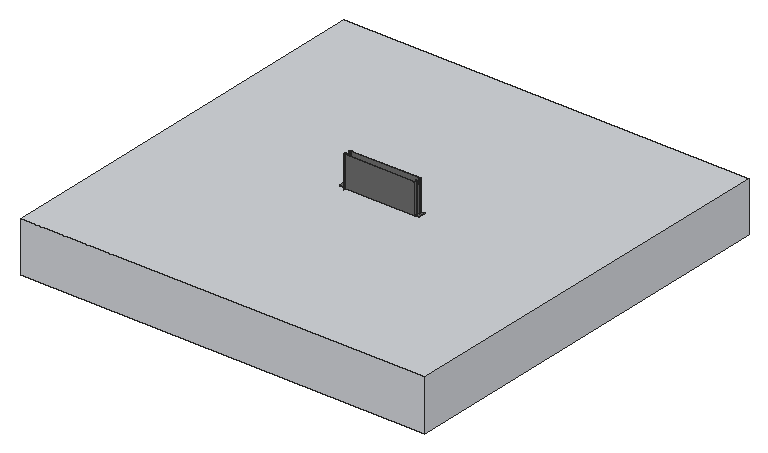
Revit family
Parameters (values of type "FCP3-DWR")
  Weight = 15.000 lbf
  U/M = "EA"
  U Space = "1"
  System = "MM & SM Fiber"
  Serial Number = "FCP3-DWR"
  Segment = "FIBER"
  Ports = "3"
  Model = "FIBER PANEL"
  Metal = Text
  Manufacturer = "SIEMON"
  Loaded/Empty = "EMPTY"
  Item Group = "FIBER MGMT"
  Item Class = "V1"
  Description = "FIBER CONNECT PANEL,SLIDING TRAY, BLACK,1RMS"
  Default Elevation = 4' - 0"
  Color = "Black"
Reference planes (in)
  plane 1 "Center (Front/Back)": y = 0
  plane 2: z = 0
  plane 3 "Center (Left/Right)": x = 0
Forms (in)
  Extrusion 1, solid
    sketch origin (0, 0, 0) x (1, 0, 0) y (0, 1, 0)
      loop
        line (-48, 48) -> (-48, -48) -> (48, -48) -> (48, 48) -> (-48, 48)
    from 0 to -12
Dimensions and locks (in)
  aligned and locked: plane 2 to Extrusion 1
  aligned and locked: level to Extrusion 1
Nested families (in)
  nested 1: "FCP3-DWR[1][1]" at (0, 2.8085, 0), type "FCP3-DWR[1][1]"
Definition of nested family "FCP3-DWR[1][1]"
  Parameters (values of type "FCP3-DWR[1][1]")
    Weight = "6.8 kgs (15.0 lbs)"
    UL Rating = "UL 1863"
    U Space / Capacity = "1U"
    Text = Text
    Part Number = "FCP3-DWR"
    Material = Cold rolled steel (CRS)
    Manufacturer Contact Info / Website = "www.siemon.com"
    Manufacturer = "Siemon"
    Label = Label
    Dimensions (H x W x D) = "44.5mm x 483mm x 355mm\r\n(1.75 in. x 19.0 in. x 14.0 in.)"
    Description = "Fiber Connect Drawer"
    Clearance = "254mm (10.0 in.) Front and Rear"
    Assembly Code = ""
  Reference planes (in)
    plane 1 "Center (Front/Back)": y = -2.8085
    plane 2: z = 0
    plane 3 "Center (Left/Right)": x = 0
  Forms (in)
    Extrusion 1, solid, material "Cold rolled steel (CRS)" <- "Material"
      sketch origin (0, -3.45688, 0.05525) x (1, 0, 0) y (0, 1, 0)
        loop
          arc (-8.37785, 0.79586) -> (-8.44572, 0.76775) -> (-8.47384, 0.69988) r 0.09598
          line (-8.47384, 0.69988) -> (-8.47384, 0.65948) -> (-8.41685, 0.65948) -> (-8.41685, 0.69988)
          arc (-8.41685, 0.69988) -> (-8.40542, 0.72745) -> (-8.37785, 0.73887) r 0.03899
          line (-8.37785, 0.73887) -> (-8.00445, 0.73887) -> (-8.00445, 0.79586) -> (-8.37785, 0.79586)
        loop
          line (-8.37785, -0.84186) -> (8.37785, -0.84186)
          arc (8.37785, -0.84186) -> (8.44572, -0.81375) -> (8.47384, -0.74588) r 0.09598
          line (8.47384, -0.74588) -> (8.47384, -0.43833) -> (8.41685, -0.43833) -> (8.41685, -0.74588)
          arc (8.41685, -0.74588) -> (8.40542, -0.77345) -> (8.37785, -0.78487) r 0.03899
          line (8.37785, -0.78487) -> (-8.37785, -0.78487)
          arc (-8.37785, -0.78487) -> (-8.40542, -0.77345) -> (-8.41685, -0.74588) r 0.03899
          line (-8.41685, -0.74588) -> (-8.41685, -0.43833) -> (-8.47384, -0.43833) -> (-8.47384, -0.74588)
          arc (-8.47384, -0.74588) -> (-8.44572, -0.81375) -> (-8.37785, -0.84186) r 0.09598
        loop
          line (8.37785, 0.79586) -> (8.00445, 0.79586) -> (8.00445, 0.73887) -> (8.37785, 0.73887)
          arc (8.37785, 0.73887) -> (8.40542, 0.72745) -> (8.41685, 0.69988) r 0.03899
          line (8.41685, 0.69988) -> (8.41685, 0.65948) -> (8.47384, 0.65948) -> (8.47384, 0.69988)
          arc (8.47384, 0.69988) -> (8.44572, 0.76775) -> (8.37785, 0.79586) r 0.09598
      from -6.87929 to 7.11825
    Extrusion 2, solid, material "Cold rolled steel (CRS)" <- "Material"
      sketch origin (0, -2.5984, 0.04478) x (1, 0, 0) y (0, 0, -1)
        loop
          arc (8.34854, -7.11825) -> (8.43691, -7.08165) -> (8.47352, -6.99327) r 0.12498
          line (8.47352, -6.99327) -> (8.47352, 6.75432)
          arc (8.47352, 6.75432) -> (8.43691, 6.84269) -> (8.34854, 6.87929) r 0.12498
          line (8.34854, 6.87929) -> (-8.34854, 6.87929)
          arc (-8.34854, 6.87929) -> (-8.43691, 6.84269) -> (-8.47352, 6.75432) r 0.12498
          line (-8.47352, 6.75432) -> (-8.47352, -6.99327)
          arc (-8.47352, -6.99327) -> (-8.43691, -7.08165) -> (-8.34854, -7.11825) r 0.12498
          line (-8.34854, -7.11825) -> (8.34854, -7.11825)
      from -0.00862 to 0.03837
    Extrusion 3, solid, material "Cold rolled steel (CRS)" <- "Material"
      sketch origin (0, -3.46282, 0.04478) x (0, 0, -1) y (0, 1, 0)
        loop
          line (-7.05526, 0.59649) -> (-6.24341, 0.59649)
          arc (-6.24341, 0.59649) -> (-5.76849, 0.12158) -> (-6.24341, -0.35334) r 0.47492
          line (-6.24341, -0.35334) -> (-7.03327, -0.35334)
          arc (-7.03327, -0.35334) -> (-7.09336, -0.37823) -> (-7.11825, -0.43833) r 0.08499
          line (-7.11825, -0.43833) -> (6.87929, -0.43833) -> (6.87929, 0.65948) -> (-7.11825, 0.65948)
          arc (-7.11825, 0.65948) -> (-7.0998, 0.61494) -> (-7.05526, 0.59649) r 0.06299
      from -8.47352 to -8.41685
    Extrusion 4, solid, material "Cold rolled steel (CRS)" <- "Material"
      sketch origin (0, -3.52581, 0.24163) x (0, 0, -1) y (0, -1, 0)
        loop
          arc (-7.05526, -0.59649) -> (-7.0998, -0.61494) -> (-7.11825, -0.65948) r 0.06299
          line (-7.11825, -0.65948) -> (6.87929, -0.65948) -> (6.87929, 0.43833) -> (-7.11825, 0.43833)
          arc (-7.11825, 0.43833) -> (-7.09336, 0.37823) -> (-7.03327, 0.35334) r 0.08499
          line (-7.03327, 0.35334) -> (-6.24341, 0.35334)
          arc (-6.24341, 0.35334) -> (-5.76849, -0.12158) -> (-6.24341, -0.59649) r 0.47492
          line (-6.24341, -0.59649) -> (-7.05526, -0.59649)
      from -8.47352 to -8.41685
    Extrusion 5, solid, material "Cold rolled steel (CRS)" <- "Material"
      sketch origin (0, -3.45688, 0.05525) x (1, 0, 0) y (0, 1, 0)
        loop
          arc (-8.37668, -0.6989) -> (-8.35149, -0.75969) -> (-8.2907, -0.78487) r 0.08598
          line (-8.2907, -0.78487) -> (8.2907, -0.78487)
          arc (8.2907, -0.78487) -> (8.35149, -0.75969) -> (8.37668, -0.6989) r 0.08598
          line (8.37668, -0.6989) -> (8.32969, -0.6989)
          arc (8.32969, -0.6989) -> (8.31827, -0.72647) -> (8.2907, -0.73788) r 0.03899
          line (8.2907, -0.73788) -> (-8.2907, -0.73788)
          arc (-8.2907, -0.73788) -> (-8.31827, -0.72647) -> (-8.32969, -0.6989) r 0.03899
          line (-8.32969, -0.6989) -> (-8.37668, -0.6989)
      from -6.87929 to 7.11825
    Extrusion 6, solid, material "Cold rolled steel (CRS)" <- "Material"
      sketch origin (0, -3.45688, -2.9315) x (1, 0, 0) y (0, 0, -1)
        loop
          line (-9.47516, -3.01897) -> (-9.47516, -3.11895) -> (-8.61281, -3.11895)
          arc (-8.61281, -3.11895) -> (-8.51454, -3.07825) -> (-8.47352, -2.97998) r 0.13898
          line (-8.47352, -2.97998) -> (-8.47352, 2.97998) -> (-8.57382, 2.97998) -> (-8.57382, -2.97998)
          arc (-8.57382, -2.97998) -> (-8.58524, -3.00755) -> (-8.61281, -3.01897) r 0.03899
          line (-8.61281, -3.01897) -> (-9.47516, -3.01897)
      from -0.84985 to 0.84985
    Extrusion 7, void
      sketch origin (0, -3.45688, -2.9315) x (0, 0, -1) y (0, 1, 0)
        loop
          arc (2.855, 0.84985) -> (2.94337, 0.81325) -> (2.97998, 0.72487) r 0.12498
          line (2.97998, 0.72487) -> (2.97998, 0.84985) -> (2.855, 0.84985)
        loop
          line (2.855, -0.84985) -> (2.97998, -0.84985) -> (2.97998, -0.72487)
          arc (2.97998, -0.72487) -> (2.94337, -0.81325) -> (2.855, -0.84985) r 0.12498
      from -8.68389 to -8.47384
    Extrusion 8, solid, material "Cold rolled steel (CRS)" <- "Material"
      sketch origin (0, -3.45688, -2.9315) x (-1, 0, 0) y (0, 0, 1)
        loop
          line (-9.47516, 3.01897) -> (-8.61281, 3.01897)
          arc (-8.61281, 3.01897) -> (-8.58524, 3.00755) -> (-8.57382, 2.97998) r 0.03899
          line (-8.57382, 2.97998) -> (-8.57382, -2.97998) -> (-8.47352, -2.97998) -> (-8.47352, 2.97998)
          arc (-8.47352, 2.97998) -> (-8.51454, 3.07825) -> (-8.61281, 3.11895) r 0.13898
          line (-8.61281, 3.11895) -> (-9.47516, 3.11895) -> (-9.47516, 3.01897)
      from -0.84985 to 0.84985
    Extrusion 9, void
      sketch origin (0, -3.45688, -2.9315) x (0, 0, -1) y (0, -1, 0)
        loop
          line (2.855, -0.84985) -> (2.97998, -0.84985) -> (2.97998, -0.72487)
          arc (2.97998, -0.72487) -> (2.94337, -0.81325) -> (2.855, -0.84985) r 0.12498
        loop
          arc (2.855, 0.84985) -> (2.94337, 0.81325) -> (2.97998, 0.72487) r 0.12498
          line (2.97998, 0.72487) -> (2.97998, 0.84985) -> (2.855, 0.84985)
      from -8.68389 to -8.47384
    Extrusion 10, solid, material "Cold rolled steel (CRS)" <- "Material"
      sketch origin (0, -3.45688, 0.05525) x (1, 0, 0) y (0, 1, 0)
        loop
          line (7.89679, 0.79586) -> (7.70282, 0.79586)
          arc (7.70282, 0.79586) -> (7.65828, 0.77741) -> (7.63983, 0.73287) r 0.06299
          line (7.63983, 0.73287) -> (7.63983, 0.425)
          arc (7.63983, 0.425) -> (7.64397, 0.40254) -> (7.65586, 0.38303) r 0.06299
          arc (7.65586, 0.38303) -> (7.2399, -0.54668) -> (6.82395, 0.38303) r 0.5579
          arc (6.82395, 0.38303) -> (6.83583, 0.40254) -> (6.83997, 0.425) r 0.06299
          line (6.83997, 0.425) -> (6.83997, 0.73287)
          arc (6.83997, 0.73287) -> (6.82152, 0.77741) -> (6.77698, 0.79586) r 0.06299
          line (6.77698, 0.79586) -> (-6.77664, 0.79586)
          arc (-6.77664, 0.79586) -> (-6.82118, 0.77741) -> (-6.83963, 0.73287) r 0.06299
          line (-6.83963, 0.73287) -> (-6.83963, 0.50976)
          arc (-6.83963, 0.50976) -> (-6.83549, 0.48729) -> (-6.82361, 0.46778) r 0.06299
          arc (-6.82361, 0.46778) -> (-7.23956, -0.46192) -> (-7.65552, 0.46778) r 0.5579
          arc (-7.65552, 0.46778) -> (-7.64363, 0.48729) -> (-7.63949, 0.50976) r 0.06299
          line (-7.63949, 0.50976) -> (-7.63949, 0.73287)
          arc (-7.63949, 0.73287) -> (-7.65794, 0.77741) -> (-7.70248, 0.79586) r 0.06299
          line (-7.70248, 0.79586) -> (-7.89645, 0.79586)
          arc (-7.89645, 0.79586) -> (-7.98482, 0.75926) -> (-8.02142, 0.67088) r 0.12498
          line (-8.02142, 0.67088) -> (-8.02142, -0.06376)
          arc (-8.02142, -0.06376) -> (-8.05803, -0.15213) -> (-8.1464, -0.18874) r 0.12498
          line (-8.1464, -0.18874) -> (-8.25138, -0.18874)
          arc (-8.25138, -0.18874) -> (-8.33976, -0.22535) -> (-8.37668, -0.31372) r 0.12498
          line (-8.37668, -0.31372) -> (-8.37668, -0.69889)
          arc (-8.37668, -0.69889) -> (-8.3515, -0.75969) -> (-8.2907, -0.78487) r 0.08598
          line (-8.2907, -0.78487) -> (8.2907, -0.78487)
          arc (8.2907, -0.78487) -> (8.3515, -0.75969) -> (8.37668, -0.69889) r 0.08598
          line (8.37668, -0.69889) -> (8.37668, -0.31148)
          arc (8.37668, -0.31148) -> (8.3393, -0.22456) -> (8.25172, -0.18874) r 0.12498
          line (8.25172, -0.18874) -> (8.14674, -0.18874)
          arc (8.14674, -0.18874) -> (8.05837, -0.15213) -> (8.02176, -0.06376) r 0.12498
          line (8.02176, -0.06376) -> (8.02176, 0.67088)
          arc (8.02176, 0.67088) -> (7.98516, 0.75926) -> (7.89679, 0.79586) r 0.12498
      from -6.87929 to -6.83205
  Cuts and joins
    Extrusion 7, Extrusion 9 cuts Extrusion 6
    Extrusion 7, Extrusion 9 cuts Extrusion 2
    Extrusion 9 cuts Extrusion 1
    Extrusion 9 cuts Extrusion 3
    Extrusion 9 cuts Extrusion 8
  Lines and regions (in)
    reference lines
      curve 1: line (-9.13386, -2.8085, 2.87126) -> (-9.13386, -2.8085, -2.8374)
      curve 2: line (9.13386, -2.8085, 2.87126) -> (9.13386, -2.8085, -2.8374)
      curve 3: line (-10.35915, -2.8085, 0) -> (11.68809, -2.8085, 0)
  Dimensions and locks (in)
    curve 1 to plane 3 "Center (Left/Right)" = 0' - 9.13386"
    plane 3 "Center (Left/Right)" to curve 2 = 0' - 9.13386"
